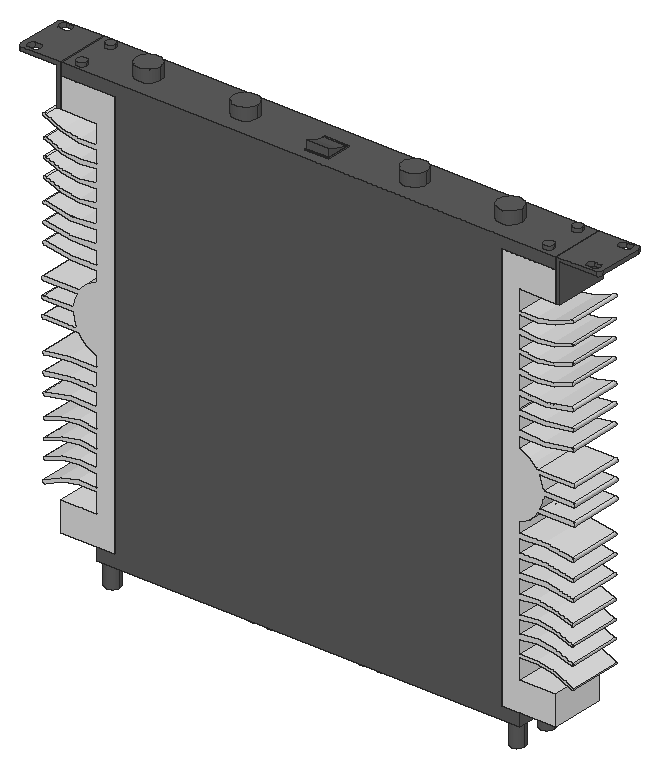
Revit family "Electronics_Commercial-Audio_Biamp_Amplifier_CHAMP-4", category Communication Devices, host Face, Revit 2020 (continued)
Definition of nested family "champ-4"
  Lines and regions (mm)
    Masking region 3, detail levels medium+fine
      outline origin (0, 0, 0) x (1, 0, 0) y (0, 1, 0)
        loop
          arc (218.417, -57.41) -> (220.172, -56.366) -> (219.301, -54.519) r 1.519
          spline (219.301, -54.519) -> (215.551, -53.634) -> (211.818, -52.851) -> (208.104, -52.171) -> (204.409, -51.594) -> (200.731, -51.12) -> (197.072, -50.749) -> (193.431, -50.481) -> (189.808, -50.317) -> (186.204, -50.255) -> (182.618, -50.296) -> (179.05, -50.44) -> (175.5, -50.687)
          line (175.5, -50.687) -> (175.5, -40.161)
          spline (175.5, -40.161) -> (178.905, -39.724) -> (182.341, -39.4) -> (185.808, -39.19) -> (189.306, -39.093) -> (192.836, -39.111) -> (196.397, -39.241) -> (199.989, -39.485) -> (203.612, -39.843) -> (207.266, -40.315) -> (210.952, -40.9) -> (214.669, -41.598) -> (218.417, -42.41)
          arc (218.417, -42.41) -> (220.172, -41.366) -> (219.301, -39.519) r 1.519
          spline (219.301, -39.519) -> (215.551, -38.634) -> (211.818, -37.851) -> (208.104, -37.171) -> (204.409, -36.594) -> (200.731, -36.12) -> (197.072, -35.749) -> (193.431, -35.481) -> (189.808, -35.317) -> (186.204, -35.255) -> (182.618, -35.296) -> (179.05, -35.44) -> (175.5, -35.687)
          line (175.5, -35.687) -> (175.5, -27.171)
          arc (175.5, -27.171) -> (183.595, -22.71) -> (189.892, -15.944) r 29.22
          line (189.892, -15.944) -> (219.696, -15.944)
          arc (219.696, -15.944) -> (221.32, -14.319) -> (219.696, -12.695) r 1.624
          line (219.696, -12.695) -> (191.78, -12.695)
          arc (191.78, -12.695) -> (193.827, -7.308) -> (194.778, -1.624) r 29.22
          line (194.778, -1.624) -> (219.696, -1.624)
          arc (219.696, -1.624) -> (221.32, 0) -> (219.696, 1.624) r 1.624
          line (219.696, 1.624) -> (194.814, 1.624)
          arc (194.814, 1.624) -> (194.001, 7.293) -> (192.097, 12.695) r 29.22
          line (192.097, 12.695) -> (219.696, 12.695)
          arc (219.696, 12.695) -> (221.32, 14.319) -> (219.696, 15.944) r 1.624
          line (219.696, 15.944) -> (190.321, 15.944)
          arc (190.321, 15.944) -> (183.903, 23.125) -> (175.5, 27.829) r 29.22
          line (175.5, 27.829) -> (175.5, 35.687)
          spline (175.5, 35.687) -> (179.05, 35.44) -> (182.618, 35.296) -> (186.204, 35.255) -> (189.808, 35.317) -> (193.431, 35.481) -> (197.072, 35.749) -> (200.731, 36.12) -> (204.409, 36.594) -> (208.104, 37.171) -> (211.818, 37.851) -> (215.551, 38.634) -> (219.301, 39.519)
          arc (219.301, 39.519) -> (220.172, 41.366) -> (218.417, 42.41) r 1.519
          spline (218.417, 42.41) -> (214.669, 41.598) -> (210.952, 40.9) -> (207.266, 40.315) -> (203.612, 39.843) -> (199.989, 39.485) -> (196.397, 39.241) -> (192.836, 39.111) -> (189.306, 39.093) -> (185.808, 39.19) -> (182.341, 39.4) -> (178.905, 39.724) -> (175.5, 40.161)
          line (175.5, 40.161) -> (175.5, 50.687)
          spline (175.5, 50.687) -> (179.05, 50.44) -> (182.618, 50.296) -> (186.204, 50.255) -> (189.808, 50.317) -> (193.431, 50.481) -> (197.072, 50.749) -> (200.731, 51.12) -> (204.409, 51.594) -> (208.104, 52.171) -> (211.818, 52.851) -> (215.551, 53.634) -> (219.301, 54.519)
          arc (219.301, 54.519) -> (220.172, 56.366) -> (218.417, 57.41) r 1.519
          spline (218.417, 57.41) -> (214.669, 56.598) -> (210.952, 55.9) -> (207.266, 55.315) -> (203.612, 54.843) -> (199.989, 54.485) -> (196.397, 54.241) -> (192.836, 54.111) -> (189.306, 54.093) -> (185.808, 54.19) -> (182.341, 54.4) -> (178.905, 54.724) -> (175.5, 55.161)
          line (175.5, 55.161) -> (175.5, 56.25) -> (175.5, 65.687)
          spline (175.5, 65.687) -> (179.092, 65.259) -> (182.694, 64.966) -> (186.307, 64.809) -> (189.93, 64.788) -> (193.564, 64.904) -> (197.209, 65.155) -> (200.864, 65.542) -> (204.53, 66.066) -> (208.207, 66.725) -> (211.894, 67.521) -> (215.593, 68.452) -> (219.301, 69.519)
          arc (219.301, 69.519) -> (220.172, 71.366) -> (218.417, 72.41) r 1.519
          spline (218.417, 72.41) -> (214.649, 71.409) -> (210.916, 70.556) -> (207.217, 69.85) -> (203.554, 69.293) -> (199.925, 68.884) -> (196.331, 68.622) -> (192.772, 68.509) -> (189.248, 68.543) -> (185.759, 68.726) -> (182.304, 69.056) -> (178.885, 69.535) -> (175.5, 70.161)
          line (175.5, 70.161) -> (175.5, 81.751)
          spline (175.5, 81.751) -> (179.107, 81.145) -> (182.719, 80.755) -> (186.335, 80.579) -> (189.954, 80.617) -> (193.579, 80.87) -> (197.207, 81.338) -> (200.839, 82.02) -> (204.476, 82.917) -> (208.117, 84.029) -> (211.762, 85.355) -> (215.412, 86.895) -> (219.065, 88.651)
          arc (219.065, 88.651) -> (219.644, 89.984) -> (218.266, 90.446) r 0.986
          spline (218.266, 90.446) -> (214.619, 88.924) -> (210.988, 87.61) -> (207.371, 86.505) -> (203.77, 85.609) -> (200.183, 84.921) -> (196.612, 84.442) -> (193.056, 84.172) -> (189.515, 84.11) -> (185.988, 84.258) -> (182.477, 84.614) -> (178.981, 85.178) -> (175.5, 85.952)
          line (175.5, 85.952) -> (175.5, 96.751)
          spline (175.5, 96.751) -> (179.107, 96.145) -> (182.719, 95.755) -> (186.335, 95.579) -> (189.954, 95.617) -> (193.579, 95.87) -> (197.207, 96.338) -> (200.839, 97.02) -> (204.476, 97.917) -> (208.117, 99.029) -> (211.762, 100.355) -> (215.412, 101.895) -> (219.065, 103.651)
          arc (219.065, 103.651) -> (219.644, 104.984) -> (218.266, 105.446) r 0.986
          spline (218.266, 105.446) -> (214.619, 103.924) -> (210.988, 102.61) -> (207.371, 101.505) -> (203.77, 100.609) -> (200.183, 99.921) -> (196.612, 99.442) -> (193.056, 99.172) -> (189.515, 99.11) -> (185.988, 99.258) -> (182.477, 99.614) -> (178.981, 100.178) -> (175.5, 100.952)
          line (175.5, 100.952) -> (175.5, 111.126)
          spline (175.5, 111.126) -> (179.107, 110.52) -> (182.719, 110.13) -> (186.335, 109.954) -> (189.954, 109.992) -> (193.579, 110.245) -> (197.207, 110.713) -> (200.839, 111.395) -> (204.476, 112.292) -> (208.117, 113.404) -> (211.762, 114.73) -> (215.412, 116.27) -> (219.065, 118.026)
          arc (219.065, 118.026) -> (219.644, 119.359) -> (218.266, 119.821) r 0.986
          spline (218.266, 119.821) -> (214.619, 118.299) -> (210.988, 116.985) -> (207.371, 115.88) -> (203.77, 114.984) -> (200.183, 114.296) -> (196.612, 113.817) -> (193.056, 113.547) -> (189.515, 113.485) -> (185.988, 113.633) -> (182.477, 113.989) -> (178.981, 114.553) -> (175.5, 115.327)
          line (175.5, 115.327) -> (175.5, 125.651)
          spline (175.5, 125.651) -> (179.296, 125.283) -> (183.082, 125.139) -> (186.856, 125.219) -> (190.618, 125.523) -> (194.37, 126.05) -> (198.11, 126.8) -> (201.839, 127.774) -> (205.557, 128.972) -> (209.264, 130.393) -> (212.959, 132.037) -> (216.643, 133.905) -> (220.316, 135.997)
          arc (220.316, 135.997) -> (219.543, 137.548) -> (217.818, 137.391) r 1.535
          spline (217.818, 137.391) -> (214.309, 135.552) -> (210.797, 133.923) -> (207.282, 132.503) -> (203.763, 131.293) -> (200.242, 130.293) -> (196.717, 129.503) -> (193.189, 128.922) -> (189.657, 128.551) -> (186.123, 128.39) -> (182.585, 128.439) -> (179.044, 128.697) -> (175.5, 129.166)
          line (175.5, 129.166) -> (175.5, 145) -> (205.5, 145) -> (205.5, 170) -> (175.5, 170) -> (175.5, 180)
    Masking region 4
      outline origin (0, 0, 0) x (1, 0, 0) y (0, 0, 1)
        loop
          line (-241.5, 40.301) -> (-241.5, 3.699)
          spline (-241.5, 3.699) -> (-241.399, 3.208) -> (-241.277, 2.751) -> (-241.131, 2.326) -> (-240.964, 1.935) -> (-240.774, 1.577) -> (-240.562, 1.252) -> (-240.328, 0.96) -> (-240.072, 0.702) -> (-239.793, 0.477) -> (-239.492, 0.285) -> (-239.169, 0.126) -> (-238.823, 0)
          line (-238.823, 0) -> (-205.5, 0) -> (-205.5, 44) -> (-238.823, 44)
          spline (-238.823, 44) -> (-239.169, 43.874) -> (-239.492, 43.715) -> (-239.793, 43.523) -> (-240.072, 43.298) -> (-240.328, 43.04) -> (-240.562, 42.748) -> (-240.774, 42.423) -> (-240.964, 42.065) -> (-241.131, 41.674) -> (-241.277, 41.249) -> (-241.399, 40.792) -> (-241.5, 40.301)
        loop
          line (241.5, 3.699) -> (241.5, 40.301)
          spline (241.5, 40.301) -> (241.399, 40.792) -> (241.277, 41.249) -> (241.131, 41.674) -> (240.964, 42.065) -> (240.774, 42.423) -> (240.562, 42.748) -> (240.328, 43.04) -> (240.072, 43.298) -> (239.793, 43.523) -> (239.492, 43.715) -> (239.169, 43.874) -> (238.823, 44)
          line (238.823, 44) -> (205.5, 44) -> (205.5, 0) -> (238.823, 0)
          spline (238.823, 0) -> (239.169, 0.126) -> (239.492, 0.285) -> (239.793, 0.477) -> (240.072, 0.702) -> (240.328, 0.96) -> (240.562, 1.252) -> (240.774, 1.577) -> (240.964, 1.935) -> (241.131, 2.326) -> (241.277, 2.751) -> (241.399, 3.208) -> (241.5, 3.699)
        loop
          arc (235.2, 34.836) -> (237.498, 38.67) -> (235.2, 42.504) r 4.347
          line (235.2, 42.504) -> (228.992, 42.504)
          arc (228.992, 42.504) -> (226.694, 38.67) -> (228.992, 34.836) r 4.347
          line (228.992, 34.836) -> (235.2, 34.836)
        loop
          arc (228.992, 9.985) -> (226.694, 6.151) -> (228.992, 2.317) r 4.347
          line (228.992, 2.317) -> (235.2, 2.317)
          arc (235.2, 2.317) -> (237.498, 6.151) -> (235.2, 9.985) r 4.347
          line (235.2, 9.985) -> (228.992, 9.985)
        loop
          arc (-228.992, 34.836) -> (-226.694, 38.67) -> (-228.992, 42.504) r 4.347
          line (-228.992, 42.504) -> (-235.2, 42.504)
          arc (-235.2, 42.504) -> (-237.498, 38.67) -> (-235.2, 34.836) r 4.347
          line (-235.2, 34.836) -> (-228.992, 34.836)
        loop
          arc (-235.2, 9.985) -> (-237.498, 6.151) -> (-235.2, 2.317) r 4.347
          line (-235.2, 2.317) -> (-228.992, 2.317)
          arc (-228.992, 2.317) -> (-226.694, 6.151) -> (-228.992, 9.985) r 4.347
          line (-228.992, 9.985) -> (-235.2, 9.985)
    Masking region 5
      outline origin (0, 0, 0) x (1, 0, 0) y (0, 0, 1)
        loop
          line (-205.5, 44) -> (-205.5, 0) -> (205.5, 0) -> (205.5, 44) -> (-205.5, 44)
    symbolic lines, detail levels medium+fine
      curve 1: line (-205.5, 170, 0) -> (-160.5, 170, 0)
      curve 2: line (-160.5, 170, 0) -> (-160.5, -170, 0)
      curve 3: line (-160.5, -170, 0) -> (-205.5, -170, 0)
      curve 4: line (205.5, -170, 0) -> (160.5, -170, 0)
      curve 5: line (160.5, -170, 0) -> (160.5, 170, 0)
      curve 6: line (160.5, 170, 0) -> (205.5, 170, 0)
      curve 7: line (-197.818, -180, 0) -> (197.818, -180, 0)
      curve 8: line (174.162, 180, 0) -> (-174.162, 180, 0)
      curve 9: arc (-197.818, 0, 36.888) -> (-193.818, 0, 32.888) -> (-189.818, 0, 36.888) r 4
      curve 10: arc (-189.818, 0, 36.888) -> (-193.818, 0, 40.888) -> (-197.818, 0, 36.888) r 4
      curve 11: arc (-197.818, 0, 7.112) -> (-193.818, 0, 3.112) -> (-189.818, 0, 7.112) r 4
      curve 12: arc (-189.818, 0, 7.112) -> (-193.818, 0, 11.112) -> (-197.818, 0, 7.112) r 4
      curve 13: arc (-140.45, 0, 22) -> (-150.45, 0, 32) -> (-160.45, 0, 22) r 10
      curve 14: arc (-160.45, 0, 22) -> (-150.45, 0, 12) -> (-140.45, 0, 22) r 10
      curve 15: arc (-59.825, 0, 22) -> (-69.825, 0, 32) -> (-79.825, 0, 22) r 10
      curve 16: arc (-79.825, 0, 22) -> (-69.825, 0, 12) -> (-59.825, 0, 22) r 10
      curve 17: arc (60.45, 0, 22) -> (70.45, 0, 12) -> (80.45, 0, 22) r 10
      curve 18: arc (80.45, 0, 22) -> (70.45, 0, 32) -> (60.45, 0, 22) r 10
      curve 19: arc (139.825, 0, 22) -> (149.825, 0, 12) -> (159.825, 0, 22) r 10
      curve 20: arc (159.825, 0, 22) -> (149.825, 0, 32) -> (139.825, 0, 22) r 10
      curve 21: line (10, 0, 8.431) -> (10, 0, 29.315)
      curve 22: line (10, 0, 29.315) -> (-10, 0, 29.315)
      curve 23: line (-10, 0, 29.315) -> (-10, 0, 8.431)
      curve 24: line (-10, 0, 8.431) -> (10, 0, 8.431)
      curve 25: line (9.042, 0, 9.376) -> (9.042, 0, 28.426)
      curve 26: line (9.042, 0, 28.426) -> (-8.927, 0, 28.426)
      curve 27: line (-8.927, 0, 28.426) -> (-8.927, 0, 9.376)
      curve 28: line (-8.927, 0, 9.376) -> (9.042, 0, 9.376)
      curve 29: arc (189.818, 0, 36.888) -> (193.818, 0, 32.888) -> (197.818, 0, 36.888) r 4
      curve 30: arc (197.818, 0, 36.888) -> (193.818, 0, 40.888) -> (189.818, 0, 36.888) r 4
      curve 31: arc (197.818, 0, 7.112) -> (193.818, 0, 11.112) -> (189.818, 0, 7.112) r 4
      curve 32: arc (189.818, 0, 7.112) -> (193.818, 0, 3.112) -> (197.818, 0, 7.112) r 4
  Dimensions and locks
    aligned and locked: plane 2 to Extrusion 1
    aligned and locked: level to Extrusion 1
